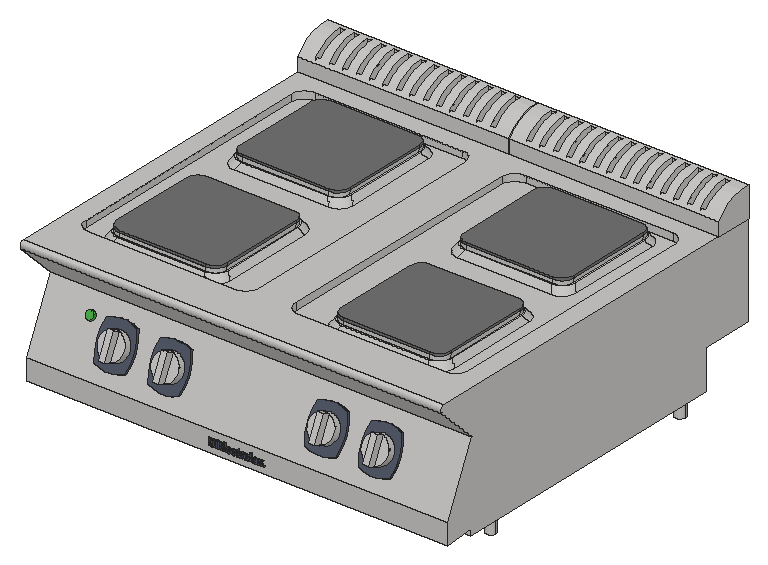
Revit family "QF_ELECTROLUXPROFESSIONAL_371017_E7ECEH4Q00", category Specialty Equipment, Revit 2018
Family settings
  Round Connector Dimension = Use Diameter
  Part Type = Normal
  Work Plane-Based = No
  Always vertical = Yes
  Cut with Voids When Loaded = No
  Shared = No
  Room Calculation Point = No
Parameters
  Width = 800.1 mm  # constant formula
  Weight in Pounds = 88  # constant formula
  Watts = 10400 VA  # 10400 W
  Volts = 400 V  # constant formula
  URL Cutsheet = "www.electrolux.com/foodservice"
  URL = "www.electrolux.com/foodservice"
  Type Mark [instance] = ""
  Status [instance] = ""
  Specification by User [instance] = ""
  Specification by Manufacturer = ""
  Show Logo [instance] = yes
  Show Clearance [instance] = yes
  Serial Number = ""
  Seismic Rating = ""
  SMACNA No = ""
  Revision Code [instance] = ""
  Phase = 3  # constant formula
  Omniclass Number and Title = ""
  Number of Poles [instance] = 1
  NAFEM Spec ID Number = ""
  Model = "371017"
  Min Ckt Ampacity = 0 A
  Max Overcurrent Protection = 0 A
  Masterspec = ""
  Manufacturer = "ELECTROLUX"
  Item Number [instance] = ""
  Installed By [instance] = ""
  Identify Quantity as Lot [instance] = yes
  Height = 331.8 mm  # constant formula
  HP = "13.9 HP"
  Furnished By [instance] = ""
  Foodservice Equipment Identifier [instance] = yes
  FL Amps = if(Phase = 3, Watts / (Volts * 1.73), Watts / Volts)  # 15.0289 A
  Electrical Remarks [instance] = "400 V/3N ph/50/60 Hz"  # constant formula
  Electric Connection Type [instance] = ""
  Elec Conn RI Height [instance] = 0 mm
  Elec Conn Connection Height [instance] = 0 mm
  Direct Waste Size = 0"
  Description = "700XP 4 Hot Square Plate Electric Boiling Top 2.6KW - 400V"
  Depth = 730.25 mm  # constant formula
  Cycle [instance] = if([60 Hertz Option], 60 Hz, 50 Hz)  # 60 Hz
  Conn Plug = ""
  Conn Conduit = yes
  CSI MasterFormat = ""
  CSI Master Format = ""
  Base Height [instance] = 23.813 mm  # constant formula
  Assembly Code = ""
  Apparent Power = if(Phase = 3, Volts * FL Amps * 1.73, Volts * FL Amps)  # 10400 VA
  60 Hertz Option [instance] = not([50 Hertz Option])  # yes
  50 Hertz Option [instance] = no
Reference planes
  plane 1 "BACK": y = 0
  plane 2: z = 0
  plane 3 "LEFT": x = 0
  plane 4 "RIGHT": x = 800.1
  plane 5 "FRONT": y = -730.25
  plane 6 "TOP": z = 288.925
  plane 7 "Center Y": x = 400.05
  plane 8 "Center X": y = -365.125
  plane 9 "BASE": z = 23.813
  plane 10 "TOP A": z = 274.638
  plane 11: y = -597.884
  plane 12: y = -147.637
  plane 13: z = 331.8
Forms (mm)
  Extrusion 1, solid, material "QF_Finishes_Stainless Steel"
    sketch origin (0, 0, 0) x (0, 1, 0) y (0, 0, 1)
      loop
        line (0, 274.638) -> (-722.844, 274.638)
        arc (-722.844, 274.638) -> (-729.641, 270.096) -> (-728.047, 262.077) r 7.358
        line (-728.047, 262.077) -> (-657.416, 191.447) -> (-713.772, 69.003) -> (-713.772, 30.903) -> (-660.4, 36.513) -> (-660.4, 23.812) -> (-101.6, 23.812) -> (-101.6, 98.425) -> (0, 98.425) -> (0, 274.638)
    from 0 to 800.1
  Extrusion 2, solid, material "QF_Finishes_Stainless Steel"
    sketch origin (0, 0, 0) x (1, 0, 0) y (0, 1, 0)
      loop
        circle (11.112, -147.638) r 9.525
      loop
        circle (11.112, -597.884) r 9.525
      loop
        circle (788.987, -147.638) r 9.525
      loop
        circle (788.987, -597.884) r 9.525
    from 0 to 23.813
  Extrusion 3, solid, material "QF_Finishes_Stainless Steel"
    sketch origin (0, -101.6, 101.6) x (0, 0, -1) y (-1, 0, 0)
      loop
        circle (41.275, -747.712) r 12.7
    from 0 to 3.175
  Extrusion 4, solid, material "QF_Finishes_Clearance", visible <- "Show Clearance", detail levels coarse
    sketch origin (0, 0, 0) x (1, 0, 0) y (0, 1, 0)
      loop
        line (0, -730.25) -> (0, 0) -> (800.1, 0) -> (800.1, -730.25) -> (950.119, -730.25) -> (950.119, 150.019) -> (-150.019, 150.019) -> (-150.019, -730.25) -> (0, -730.25)
    from 0 to 331.788
  Extrusion 5, solid, material "QF_Finishes_Navy Blue"
    sketch origin (-390.52, -713.772, 69.003) x (0, 0.418102, 0.9084) y (-1, 0, 0)
      loop
        arc (102.623, -510.47) -> (67.041, -502.846) -> (31.333, -509.853) r 90.5
        arc (31.333, -509.853) -> (24.507, -539.04) -> (31.333, -568.228) r 65.817
        arc (31.333, -568.228) -> (67.04, -575.188) -> (102.623, -567.615) r 91.066
        arc (102.623, -567.615) -> (109.179, -539.043) -> (102.623, -510.47) r 65.546
    from 0 to 3.175
  Extrusion 6, solid, material "QF_Finishes_Stainless Steel"
    sketch origin (-11.77, -717.485, 68.529) x (0, 0.418102, 0.9084) y (-1, 0, 0)
      loop
        circle (68.826, -160.963) r 25.4
    from 0 to 12.7
  Extrusion 7, solid, material "QF_Finishes_Stainless Steel"
    sketch origin (-11.77, -729.022, 73.839) x (0, 0.418102, 0.9084) y (-1, 0, 0)
      loop
        arc (93.558, -166.749) -> (94.226, -160.963) -> (93.558, -155.177) r 25.4
        line (93.558, -155.177) -> (44.094, -155.177)
        arc (44.094, -155.177) -> (43.426, -160.963) -> (44.094, -166.749) r 25.4
        line (44.094, -166.749) -> (93.558, -166.749)
    from 0 to 12.7
  Extrusion 8, solid, material "QF_Finishes_Navy Blue", visible <- "Show Logo"
    sketch origin (58.349, -713.772, 35.665) x (0, 0, 1) y (-1, 0, 0)
      loop
        line (20.674, -296.698) -> (8.307, -296.698)
        arc (8.307, -296.698) -> (14.491, -301.27) -> (20.674, -296.698) r 6.467
      loop
        arc (20.674, -296.069) -> (19.505, -290.926) -> (14.849, -288.448) r 6.338
        line (14.849, -288.448) -> (14.849, -290.494)
        arc (14.849, -290.494) -> (16.333, -294.149) -> (19.778, -296.069) r 5.941
        line (19.778, -296.069) -> (20.674, -296.069)
      loop
        arc (9.203, -296.069) -> (12.648, -294.149) -> (14.132, -290.494) r 5.941
        line (14.132, -290.494) -> (14.132, -288.448)
        arc (14.132, -288.448) -> (9.438, -290.922) -> (8.148, -296.069) r 6.504
        line (8.148, -296.069) -> (9.203, -296.069)
      loop
        line (21.349, -287.979) -> (7.604, -287.979) -> (7.604, -301.742) -> (21.349, -301.742) -> (21.349, -287.979)
      loop
        arc (21.432, -304.71) -> (21.085, -304.352) -> (20.718, -304.69) r 0.358
        arc (20.718, -304.69) -> (20.404, -305.44) -> (19.687, -305.825) r 1.216
        line (19.687, -305.825) -> (9.274, -305.825)
        arc (9.274, -305.825) -> (8.614, -305.548) -> (8.218, -304.951) r 1.238
        arc (8.218, -304.951) -> (7.823, -304.7) -> (7.518, -305.054) r 0.358
        line (7.518, -305.054) -> (7.518, -314.933) -> (10.269, -314.933) -> (10.269, -314.036)
        arc (10.269, -314.036) -> (9.36, -313.456) -> (8.904, -312.479) r 1.928
        line (8.904, -312.479) -> (8.904, -309.98)
        arc (8.904, -309.98) -> (9.18, -309.251) -> (9.868, -308.887) r 1.101
        line (9.868, -308.887) -> (13.955, -308.887) -> (13.955, -312.561)
        arc (13.955, -312.561) -> (13.602, -313.058) -> (13.037, -313.286) r 1.083
        arc (13.037, -313.286) -> (12.773, -313.591) -> (13.065, -313.869) r 0.292
        line (13.065, -313.869) -> (16.028, -313.869)
        arc (16.028, -313.869) -> (16.33, -313.596) -> (16.092, -313.266) r 0.305
        arc (16.092, -313.266) -> (15.601, -313.018) -> (15.296, -312.561) r 1.083
        line (15.296, -312.561) -> (15.296, -308.887) -> (19.973, -308.887) -> (19.973, -312.635)
        arc (19.973, -312.635) -> (19.759, -313.39) -> (19.153, -313.888) r 1.314
        arc (19.153, -313.888) -> (18.934, -314.292) -> (19.288, -314.585) r 0.361
        line (19.288, -314.585) -> (21.432, -314.585) -> (21.432, -304.71)
      loop
        arc (20.715, -315.365) -> (20.335, -316.284) -> (19.416, -316.664) r 1.299
        line (19.416, -316.664) -> (9.837, -316.664)
        arc (9.837, -316.664) -> (8.999, -316.286) -> (8.728, -315.408) r 1.118
        line (8.728, -315.408) -> (7.518, -315.408) -> (7.518, -320.758) -> (8.706, -320.758)
        arc (8.706, -320.758) -> (8.978, -319.841) -> (9.848, -319.445) r 1.153
        line (9.848, -319.445) -> (21.92, -319.445) -> (20.715, -315.365)
      loop
        line (12.483, -323.394) -> (12.483, -329.842) -> (13.282, -329.842)
        arc (13.282, -329.842) -> (15.862, -328.857) -> (17.131, -326.404) r 3.874
        line (17.131, -326.404) -> (17.131, -324.643)
        arc (17.131, -324.643) -> (15.944, -321.778) -> (13.08, -320.592) r 4.051
        line (13.08, -320.592) -> (11.072, -320.592)
        arc (11.072, -320.592) -> (8.253, -322.077) -> (7.202, -325.084) r 4.352
        arc (7.202, -325.084) -> (7.566, -327.547) -> (8.943, -329.621) r 5.713
        line (8.943, -329.621) -> (9.892, -329.621)
        arc (9.892, -329.621) -> (9.16, -328.052) -> (8.943, -326.334) r 5.579
        arc (8.943, -326.334) -> (9.737, -324.371) -> (11.616, -323.394) r 3.057
        line (11.616, -323.394) -> (12.483, -323.394)
      loop
        line (13.742, -323.394) -> (13.742, -326.977)
        arc (13.742, -326.977) -> (15.199, -327.024) -> (16.082, -325.864) r 1.59
        line (16.082, -325.864) -> (16.082, -325.034)
        arc (16.082, -325.034) -> (15.217, -323.779) -> (13.742, -323.394) r 2.184
      loop
        arc (16.533, -339.259) -> (17.022, -337.585) -> (17.179, -335.848) r 9.023
        line (17.179, -335.848) -> (17.179, -334.486)
        arc (17.179, -334.486) -> (16.02, -331.686) -> (13.22, -330.527) r 3.959
        line (13.22, -330.527) -> (10.62, -330.527)
        arc (10.62, -330.527) -> (8.338, -331.819) -> (7.221, -334.192) r 4.331
        line (7.221, -334.192) -> (7.221, -336.327)
        arc (7.221, -336.327) -> (7.729, -337.877) -> (8.651, -339.223) r 5.772
        arc (8.651, -339.223) -> (9.412, -339.274) -> (9.499, -338.515) r 0.553
        arc (9.499, -338.515) -> (9.111, -337.781) -> (8.977, -336.962) r 2.573
        line (8.977, -336.962) -> (8.977, -335.447)
        arc (8.977, -335.447) -> (9.983, -333.806) -> (11.798, -333.163) r 2.884
        line (11.798, -333.163) -> (13.077, -333.163)
        arc (13.077, -333.163) -> (14.898, -333.723) -> (15.824, -335.388) r 2.554
        line (15.824, -335.388) -> (15.824, -336.441)
        arc (15.824, -336.441) -> (15.493, -337.369) -> (14.836, -338.104) r 2.564
        arc (14.836, -338.104) -> (14.614, -338.821) -> (15.223, -339.259) r 0.643
        line (15.223, -339.259) -> (16.533, -339.259)
      loop
        line (15.515, -339.53) -> (15.515, -341.031) -> (9.467, -341.031)
        arc (9.467, -341.031) -> (7.879, -341.688) -> (7.221, -343.276) r 2.246
        line (7.221, -343.276) -> (7.221, -344.86)
        arc (7.221, -344.86) -> (7.535, -345.725) -> (8.035, -346.496) r 4.06
        arc (8.035, -346.496) -> (8.768, -346.629) -> (9.019, -345.928) r 0.576
        arc (9.019, -345.928) -> (8.913, -345.403) -> (8.977, -344.87) r 1.69
        arc (8.977, -344.87) -> (9.519, -344.082) -> (10.425, -343.779) r 1.506
        line (10.425, -343.779) -> (15.563, -343.779) -> (15.563, -346.176) -> (16.119, -346.733) -> (16.941, -346.733) -> (16.941, -343.873) -> (20.172, -343.873) -> (15.515, -339.53)
      loop
        line (7.438, -347.63) -> (7.438, -353.017) -> (8.548, -353.017)
        arc (8.548, -353.017) -> (8.942, -352.066) -> (9.893, -351.672) r 1.345
        line (9.893, -351.672) -> (13.509, -351.672)
        arc (13.509, -351.672) -> (14.274, -352.264) -> (14.564, -353.186) r 1.615
        line (14.564, -353.186) -> (14.564, -354.742) -> (17.119, -355.427) -> (17.119, -354.044) -> (15.177, -351.485) -> (17.057, -351.485) -> (16.773, -348.779)
        arc (16.773, -348.779) -> (16.333, -348.249) -> (15.674, -348.45) r 0.621
        arc (15.674, -348.45) -> (15.274, -348.792) -> (14.78, -348.975) r 1.501
        line (14.78, -348.975) -> (9.893, -348.975)
        arc (9.893, -348.975) -> (8.942, -348.581) -> (8.548, -347.63) r 1.345
        line (8.548, -347.63) -> (7.438, -347.63)
      loop
        line (13.54, -354.964) -> (10.848, -354.964)
        arc (10.848, -354.964) -> (8.403, -356.272) -> (7.269, -358.803) r 4.288
        arc (7.269, -358.803) -> (7.205, -360.183) -> (7.269, -361.563) r 15.022
        arc (7.269, -361.563) -> (8.403, -364.094) -> (10.848, -365.401) r 4.288
        line (10.848, -365.401) -> (13.54, -365.401)
        arc (13.54, -365.401) -> (15.986, -364.094) -> (17.119, -361.563) r 4.288
        arc (17.119, -361.563) -> (17.183, -360.183) -> (17.119, -358.803) r 15.022
        arc (17.119, -358.803) -> (15.986, -356.272) -> (13.54, -354.964) r 4.288
      loop
        line (13.745, -358.078) -> (10.643, -358.078)
        arc (10.643, -358.078) -> (8.486, -360.235) -> (10.643, -362.392) r 2.157
        line (10.643, -362.392) -> (13.745, -362.392)
        arc (13.745, -362.392) -> (15.902, -360.235) -> (13.745, -358.078) r 2.157
      loop
        arc (20.726, -365.26) -> (20.355, -366.154) -> (19.461, -366.524) r 1.264
        line (19.461, -366.524) -> (9.597, -366.524)
        arc (9.597, -366.524) -> (8.727, -366.127) -> (8.455, -365.211) r 1.153
        line (8.455, -365.211) -> (7.518, -365.211) -> (7.518, -370.319) -> (8.446, -370.319)
        arc (8.446, -370.319) -> (8.805, -369.547) -> (9.597, -369.232) r 1.153
        line (9.597, -369.232) -> (21.92, -369.232) -> (20.726, -365.26)
      loop
        arc (15.846, -369.857) -> (15.647, -370.921) -> (14.678, -371.403) r 1.215
        line (14.678, -371.403) -> (9.658, -371.403)
        arc (9.658, -371.403) -> (8.043, -372.051) -> (7.322, -373.634) r 2.338
        line (7.322, -373.634) -> (7.322, -375.148)
        arc (7.322, -375.148) -> (7.497, -376.152) -> (7.999, -377.038) r 2.979
        line (7.999, -377.038) -> (7.518, -378.835) -> (7.518, -380.524) -> (16.943, -380.524) -> (16.649, -376.32) -> (15.863, -376.32)
        arc (15.863, -376.32) -> (15.507, -377.156) -> (14.755, -377.665) r 1.605
        line (14.755, -377.665) -> (9.652, -377.665)
        arc (9.652, -377.665) -> (9.232, -376.728) -> (9.159, -375.704) r 2.94
        arc (9.159, -375.704) -> (9.72, -374.603) -> (10.873, -374.16) r 1.724
        line (10.873, -374.16) -> (17.07, -374.16) -> (15.846, -369.857)
      loop
        line (16.874, -381.377) -> (15.202, -383.423) -> (12.028, -385.729) -> (8.572, -382.617)
        arc (8.572, -382.617) -> (8.335, -382.223) -> (8.357, -381.764) r 0.789
        line (8.357, -381.764) -> (7.518, -381.764) -> (7.518, -385.309) -> (8.344, -385.309)
        arc (8.344, -385.309) -> (8.686, -384.947) -> (9.176, -385.039) r 0.52
        line (9.176, -385.039) -> (10.976, -386.51) -> (8.858, -387.886)
        arc (8.858, -387.886) -> (8.457, -387.576) -> (8.37, -387.076) r 0.7
        line (8.37, -387.076) -> (7.518, -387.076) -> (7.518, -393.003) -> (8.405, -393.003)
        arc (8.405, -393.003) -> (8.472, -392.344) -> (8.866, -391.813) r 1.247
        line (8.866, -391.813) -> (13.066, -388.532) -> (15.513, -390.585) -> (16.874, -392.327) -> (16.874, -388.604) -> (15.389, -389.026) -> (13.868, -387.749) -> (15.568, -386.559) -> (16.874, -387.336) -> (16.874, -381.377)
    from 0 to 1.644
  Extrusion 9, solid, material "QF_Finishes_Stainless Steel"
    sketch origin (0, 0, 0) x (0, 1, 0) y (0, 0, 1)
      loop
        line (0, 274.638) -> (0, 331.738)
        arc (0, 331.738) -> (-38.857, 324.552) -> (-69.85, 300.038) r 82.056
        line (-69.85, 300.038) -> (-69.85, 274.638) -> (0, 274.638)
    from 0 to 400.05
  Extrusion 10, void
    sketch origin (0, 0, 274.638) x (0, -1, 0) y (1, 0, 0)
      loop
        line (6.761, 29.703) -> (63.911, 29.703) -> (63.911, 38.999) -> (6.761, 38.999) -> (6.761, 29.703)
      loop
        line (63.911, 64.487) -> (6.761, 64.487) -> (6.761, 55.191) -> (63.911, 55.191) -> (63.911, 64.487)
      loop
        line (63.911, 89.975) -> (6.761, 89.975) -> (6.761, 80.68) -> (63.911, 80.68) -> (63.911, 89.975)
      loop
        line (63.911, 115.464) -> (6.761, 115.464) -> (6.761, 106.168) -> (63.911, 106.168) -> (63.911, 115.464)
      loop
        line (63.911, 140.952) -> (6.761, 140.952) -> (6.761, 131.656) -> (63.911, 131.656) -> (63.911, 140.952)
      loop
        line (63.911, 166.44) -> (6.761, 166.44) -> (6.761, 157.145) -> (63.911, 157.145) -> (63.911, 166.44)
      loop
        line (63.911, 191.929) -> (6.761, 191.929) -> (6.761, 182.633) -> (63.911, 182.633) -> (63.911, 191.929)
      loop
        line (63.911, 217.417) -> (6.761, 217.417) -> (6.761, 208.121) -> (63.911, 208.121) -> (63.911, 217.417)
      loop
        line (63.911, 242.905) -> (6.761, 242.905) -> (6.761, 233.61) -> (63.911, 233.61) -> (63.911, 242.905)
      loop
        line (63.911, 268.394) -> (6.761, 268.394) -> (6.761, 259.098) -> (63.911, 259.098) -> (63.911, 268.394)
      loop
        line (63.911, 293.882) -> (6.761, 293.882) -> (6.761, 284.586) -> (63.911, 284.586) -> (63.911, 293.882)
      loop
        line (63.911, 319.37) -> (6.761, 319.37) -> (6.761, 310.075) -> (63.911, 310.075) -> (63.911, 319.37)
      loop
        line (63.911, 344.859) -> (6.761, 344.859) -> (6.761, 335.563) -> (63.911, 335.563) -> (63.911, 344.859)
      loop
        line (63.911, 370.347) -> (6.761, 370.347) -> (6.761, 361.051) -> (63.911, 361.051) -> (63.911, 370.347)
    from 25.4 to 63.5
  Extrusion 11, solid, material "QF_Finishes_Stainless Steel"
    sketch origin (400.05, 0, 0) x (0, 1, 0) y (0, 0, 1)
      loop
        line (0, 274.638) -> (0, 331.738)
        arc (0, 331.738) -> (-38.857, 324.552) -> (-69.85, 300.038) r 82.056
        line (-69.85, 300.038) -> (-69.85, 274.638) -> (0, 274.638)
    from 0 to 400.05
  Extrusion 12, void
    sketch origin (400.05, 0, 274.638) x (0, -1, 0) y (1, 0, 0)
      loop
        line (6.761, 29.703) -> (63.911, 29.703) -> (63.911, 38.999) -> (6.761, 38.999) -> (6.761, 29.703)
      loop
        line (63.911, 64.487) -> (6.761, 64.487) -> (6.761, 55.191) -> (63.911, 55.191) -> (63.911, 64.487)
      loop
        line (63.911, 89.975) -> (6.761, 89.975) -> (6.761, 80.68) -> (63.911, 80.68) -> (63.911, 89.975)
      loop
        line (63.911, 115.464) -> (6.761, 115.464) -> (6.761, 106.168) -> (63.911, 106.168) -> (63.911, 115.464)
      loop
        line (63.911, 140.952) -> (6.761, 140.952) -> (6.761, 131.656) -> (63.911, 131.656) -> (63.911, 140.952)
      loop
        line (63.911, 166.44) -> (6.761, 166.44) -> (6.761, 157.145) -> (63.911, 157.145) -> (63.911, 166.44)
      loop
        line (63.911, 191.929) -> (6.761, 191.929) -> (6.761, 182.633) -> (63.911, 182.633) -> (63.911, 191.929)
      loop
        line (63.911, 217.417) -> (6.761, 217.417) -> (6.761, 208.121) -> (63.911, 208.121) -> (63.911, 217.417)
      loop
        line (63.911, 242.905) -> (6.761, 242.905) -> (6.761, 233.61) -> (63.911, 233.61) -> (63.911, 242.905)
      loop
        line (63.911, 268.394) -> (6.761, 268.394) -> (6.761, 259.098) -> (63.911, 259.098) -> (63.911, 268.394)
      loop
        line (63.911, 293.882) -> (6.761, 293.882) -> (6.761, 284.586) -> (63.911, 284.586) -> (63.911, 293.882)
      loop
        line (63.911, 319.37) -> (6.761, 319.37) -> (6.761, 310.075) -> (63.911, 310.075) -> (63.911, 319.37)
      loop
        line (63.911, 344.859) -> (6.761, 344.859) -> (6.761, 335.563) -> (63.911, 335.563) -> (63.911, 344.859)
      loop
        line (63.911, 370.347) -> (6.761, 370.347) -> (6.761, 361.051) -> (63.911, 361.051) -> (63.911, 370.347)
    from 25.4 to 63.5
  Extrusion 13, void
    sketch origin (0, 0, 274.638) x (1, 0, 0) y (0, -1, 0)
      loop
        line (60.425, 104.885) -> (339.625, 104.885)
        arc (339.625, 104.885) -> (357.586, 112.324) -> (365.025, 130.285) r 25.4
        line (365.025, 130.285) -> (365.025, 619.485)
        arc (365.025, 619.485) -> (357.586, 637.445) -> (339.625, 644.885) r 25.4
        line (339.625, 644.885) -> (60.425, 644.885)
        arc (60.425, 644.885) -> (42.464, 637.445) -> (35.025, 619.485) r 25.4
        line (35.025, 619.485) -> (35.025, 130.285)
        arc (35.025, 130.285) -> (42.464, 112.324) -> (60.425, 104.885) r 25.4
      loop
        arc (739.675, 104.885) -> (757.636, 112.324) -> (765.075, 130.285) r 25.4
        line (765.075, 130.285) -> (765.075, 619.485)
        arc (765.075, 619.485) -> (757.636, 637.445) -> (739.675, 644.885) r 25.4
        line (739.675, 644.885) -> (460.475, 644.885)
        arc (460.475, 644.885) -> (442.514, 637.445) -> (435.075, 619.485) r 25.4
        line (435.075, 619.485) -> (435.075, 130.285)
        arc (435.075, 130.285) -> (442.514, 112.324) -> (460.475, 104.885) r 25.4
        line (460.475, 104.885) -> (739.675, 104.885)
    from 0 to 12.7
  Extrusion 14, solid, material "QF_Finishes_Navy Blue"
    sketch origin (-288.02, -713.772, 69.003) x (0, 0.418102, 0.9084) y (-1, 0, 0)
      loop
        arc (102.623, -510.47) -> (67.041, -502.846) -> (31.333, -509.853) r 90.5
        arc (31.333, -509.853) -> (24.507, -539.04) -> (31.333, -568.228) r 65.817
        arc (31.333, -568.228) -> (67.04, -575.188) -> (102.623, -567.615) r 91.066
        arc (102.623, -567.615) -> (109.179, -539.043) -> (102.623, -510.47) r 65.546
    from 0 to 3.175
  Extrusion 15, solid, material "QF_Finishes_Stainless Steel"
    sketch origin (90.73, -717.485, 68.529) x (0, 0.418102, 0.9084) y (-1, 0, 0)
      loop
        circle (68.826, -160.963) r 25.4
    from 0 to 12.7
  Extrusion 16, solid, material "QF_Finishes_Stainless Steel"
    sketch origin (90.73, -729.022, 73.839) x (0, 0.418102, 0.9084) y (-1, 0, 0)
      loop
        arc (93.558, -166.749) -> (94.226, -160.963) -> (93.558, -155.177) r 25.4
        line (93.558, -155.177) -> (44.094, -155.177)
        arc (44.094, -155.177) -> (43.426, -160.963) -> (44.094, -166.749) r 25.4
        line (44.094, -166.749) -> (93.558, -166.749)
    from 0 to 12.7
  Extrusion 17, solid, material "QF_Finishes_Navy Blue"
    sketch origin (1190.62, -713.772, 69.003) x (0, 0.418102, 0.9084) y (-1, 0, 0)
      loop
        arc (102.623, 510.47) -> (109.179, 539.043) -> (102.623, 567.615) r 65.546
        arc (102.623, 567.615) -> (67.04, 575.188) -> (31.333, 568.228) r 91.066
        arc (31.333, 568.228) -> (24.507, 539.04) -> (31.333, 509.853) r 65.817
        arc (31.333, 509.853) -> (67.041, 502.846) -> (102.623, 510.47) r 90.5
    from 0 to 3.175
  Extrusion 18, solid, material "QF_Finishes_Stainless Steel"
    sketch origin (1569.37, -717.485, 68.529) x (0, 0.418102, 0.9084) y (-1, 0, 0)
      loop
        circle (68.826, 918.463) r 25.4
    from 0 to 12.7
  Extrusion 19, solid, material "QF_Finishes_Stainless Steel"
    sketch origin (1569.37, -729.022, 73.839) x (0, 0.418102, 0.9084) y (-1, 0, 0)
      loop
        line (93.558, 924.249) -> (44.094, 924.249)
        arc (44.094, 924.249) -> (43.426, 918.463) -> (44.094, 912.677) r 25.4
        line (44.094, 912.677) -> (93.558, 912.677)
        arc (93.558, 912.677) -> (94.226, 918.463) -> (93.558, 924.249) r 25.4
    from 0 to 12.7
  Extrusion 20, solid, material "QF_Finishes_Navy Blue"
    sketch origin (1088.12, -713.772, 69.003) x (0, 0.418102, 0.9084) y (-1, 0, 0)
      loop
        arc (102.623, 510.47) -> (109.179, 539.043) -> (102.623, 567.615) r 65.546
        arc (102.623, 567.615) -> (67.04, 575.188) -> (31.333, 568.228) r 91.066
        arc (31.333, 568.228) -> (24.507, 539.04) -> (31.333, 509.853) r 65.817
        arc (31.333, 509.853) -> (67.041, 502.846) -> (102.623, 510.47) r 90.5
    from 0 to 3.175
  Extrusion 21, solid, material "QF_Finishes_Stainless Steel"
    sketch origin (1466.87, -717.485, 68.529) x (0, 0.418102, 0.9084) y (-1, 0, 0)
      loop
        circle (68.826, 918.463) r 25.4
    from 0 to 12.7
  Extrusion 22, solid, material "QF_Finishes_Stainless Steel"
    sketch origin (1466.87, -729.022, 73.839) x (0, 0.418102, 0.9084) y (-1, 0, 0)
      loop
        line (93.558, 924.249) -> (44.094, 924.249)
        arc (44.094, 924.249) -> (43.426, 918.463) -> (44.094, 912.677) r 25.4
        line (44.094, 912.677) -> (93.558, 912.677)
        arc (93.558, 912.677) -> (94.226, 918.463) -> (93.558, 924.249) r 25.4
    from 0 to 12.7
  Extrusion 23, solid, material "QF_Finishes_Green"
    sketch origin (1.25, -711.681, 73.545) x (0, 0.418102, 0.9084) y (-1, 0, 0)
      loop
        circle (91.02, -88.134) r 8
    from 0 to 3.2
Cuts and joins
  Extrusion 10 cuts Extrusion 9
  Extrusion 12 cuts Extrusion 11
  Extrusion 13 cuts Extrusion 1
Lines and regions (mm)
  symbolic lines, style "QF-Clearances", visible <- "Show Clearance", detail levels coarse
    curve 1: line (-150.019, 150.019, 274.638) -> (-150.019, -730.25, 274.638)
    curve 2: line (950.119, 150.019, 274.638) -> (-150.019, 150.019, 274.638)
    curve 3: line (950.119, -730.25, 274.638) -> (950.119, 150.019, 274.638)
  symbolic lines
    curve 4: line (0, 0, 274.638) -> (800.1, 0, 274.638)
    curve 5: line (0, -730.25, 274.638) -> (0, 0, 274.638)
    curve 6: line (800.1, 0, 274.638) -> (800.1, -730.25, 274.638)
    curve 7: line (0, -69.85, 274.638) -> (800.1, -69.85, 274.638)
    curve 8: line (800.1, -730.25, 274.638) -> (0, -730.25, 274.638)
    curve 9: line (29.703, -6.761, 0) -> (38.999, -6.761, 0)
    curve 10: line (29.703, -63.911, 0) -> (29.703, -6.761, 0)
    curve 11: line (38.999, -63.911, 0) -> (29.703, -63.911, 0)
    curve 12: line (38.999, -6.761, 0) -> (38.999, -63.911, 0)
    curve 13: line (55.191, -6.761, 0) -> (64.487, -6.761, 0)
    curve 14: line (55.191, -63.911, 0) -> (55.191, -6.761, 0)
    curve 15: line (64.487, -63.911, 0) -> (55.191, -63.911, 0)
    curve 16: line (64.487, -6.761, 0) -> (64.487, -63.911, 0)
    curve 17: line (80.68, -6.761, 0) -> (89.975, -6.761, 0)
    curve 18: line (80.68, -63.911, 0) -> (80.68, -6.761, 0)
    curve 19: line (89.975, -63.911, 0) -> (80.68, -63.911, 0)
    curve 20: line (89.975, -6.761, 0) -> (89.975, -63.911, 0)
    curve 21: line (106.168, -6.761, 0) -> (115.464, -6.761, 0)
    curve 22: line (106.168, -63.911, 0) -> (106.168, -6.761, 0)
    curve 23: line (115.464, -63.911, 0) -> (106.168, -63.911, 0)
    curve 24: line (115.464, -6.761, 0) -> (115.464, -63.911, 0)
    curve 25: line (131.656, -6.761, 0) -> (140.952, -6.761, 0)
    curve 26: line (131.656, -63.911, 0) -> (131.656, -6.761, 0)
    curve 27: line (140.952, -63.911, 0) -> (131.656, -63.911, 0)
    curve 28: line (140.952, -6.761, 0) -> (140.952, -63.911, 0)
    curve 29: line (157.145, -6.761, 0) -> (166.44, -6.761, 0)
    curve 30: line (157.145, -63.911, 0) -> (157.145, -6.761, 0)
    curve 31: line (166.44, -63.911, 0) -> (157.145, -63.911, 0)
    curve 32: line (166.44, -6.761, 0) -> (166.44, -63.911, 0)
    curve 33: line (182.633, -6.761, 0) -> (191.929, -6.761, 0)
    curve 34: line (182.633, -63.911, 0) -> (182.633, -6.761, 0)
    curve 35: line (191.929, -63.911, 0) -> (182.633, -63.911, 0)
    curve 36: line (191.929, -6.761, 0) -> (191.929, -63.911, 0)
    curve 37: line (208.121, -6.761, 0) -> (217.417, -6.761, 0)
    curve 38: line (208.121, -63.911, 0) -> (208.121, -6.761, 0)
    curve 39: line (217.417, -63.911, 0) -> (208.121, -63.911, 0)
    curve 40: line (217.417, -6.761, 0) -> (217.417, -63.911, 0)
    curve 41: line (233.61, -6.761, 0) -> (242.905, -6.761, 0)
    curve 42: line (233.61, -63.911, 0) -> (233.61, -6.761, 0)
    curve 43: line (242.905, -63.911, 0) -> (233.61, -63.911, 0)
    curve 44: line (242.905, -6.761, 0) -> (242.905, -63.911, 0)
    curve 45: line (259.098, -6.761, 0) -> (268.394, -6.761, 0)
    curve 46: line (259.098, -63.911, 0) -> (259.098, -6.761, 0)
    curve 47: line (268.394, -63.911, 0) -> (259.098, -63.911, 0)
    curve 48: line (268.394, -6.761, 0) -> (268.394, -63.911, 0)
    curve 49: line (284.586, -6.761, 0) -> (293.882, -6.761, 0)
    curve 50: line (284.586, -63.911, 0) -> (284.586, -6.761, 0)
    curve 51: line (293.882, -63.911, 0) -> (284.586, -63.911, 0)
    curve 52: line (293.882, -6.761, 0) -> (293.882, -63.911, 0)
    curve 53: line (310.075, -6.761, 0) -> (319.37, -6.761, 0)
    curve 54: line (310.075, -63.911, 0) -> (310.075, -6.761, 0)
    curve 55: line (319.37, -63.911, 0) -> (310.075, -63.911, 0)
    curve 56: line (319.37, -6.761, 0) -> (319.37, -63.911, 0)
    curve 57: line (335.563, -6.761, 0) -> (344.859, -6.761, 0)
    curve 58: line (335.563, -63.911, 0) -> (335.563, -6.761, 0)
    curve 59: line (344.859, -63.911, 0) -> (335.563, -63.911, 0)
    curve 60: line (344.859, -6.761, 0) -> (344.859, -63.911, 0)
    curve 61: line (361.051, -6.761, 0) -> (370.347, -6.761, 0)
    curve 62: line (361.051, -63.911, 0) -> (361.051, -6.761, 0)
    curve 63: line (370.347, -63.911, 0) -> (361.051, -63.911, 0)
    curve 64: line (370.347, -6.761, 0) -> (370.347, -63.911, 0)
    curve 65: line (400.05, 0, 0) -> (400.05, -69.85, 0)
    curve 66: line (770.397, -6.761, 0) -> (761.101, -6.761, 0)
    curve 67: line (770.397, -63.911, 0) -> (770.397, -6.761, 0)
    curve 68: line (761.101, -63.911, 0) -> (770.397, -63.911, 0)
    curve 69: line (761.101, -6.761, 0) -> (761.101, -63.911, 0)
    curve 70: line (744.909, -6.761, 0) -> (735.613, -6.761, 0)
    curve 71: line (744.909, -63.911, 0) -> (744.909, -6.761, 0)
    curve 72: line (735.613, -63.911, 0) -> (744.909, -63.911, 0)
    curve 73: line (735.613, -6.761, 0) -> (735.613, -63.911, 0)
    curve 74: line (719.42, -6.761, 0) -> (710.125, -6.761, 0)
    curve 75: line (719.42, -63.911, 0) -> (719.42, -6.761, 0)
    curve 76: line (710.125, -63.911, 0) -> (719.42, -63.911, 0)
    curve 77: line (710.125, -6.761, 0) -> (710.125, -63.911, 0)
    curve 78: line (693.932, -6.761, 0) -> (684.636, -6.761, 0)
    curve 79: line (693.932, -63.911, 0) -> (693.932, -6.761, 0)
    curve 80: line (684.636, -63.911, 0) -> (693.932, -63.911, 0)
    curve 81: line (684.636, -6.761, 0) -> (684.636, -63.911, 0)
    curve 82: line (668.444, -6.761, 0) -> (659.148, -6.761, 0)
    curve 83: line (668.444, -63.911, 0) -> (668.444, -6.761, 0)
    curve 84: line (659.148, -63.911, 0) -> (668.444, -63.911, 0)
    curve 85: line (659.148, -6.761, 0) -> (659.148, -63.911, 0)
    curve 86: line (642.955, -6.761, 0) -> (633.66, -6.761, 0)
    curve 87: line (642.955, -63.911, 0) -> (642.955, -6.761, 0)
    curve 88: line (633.66, -63.911, 0) -> (642.955, -63.911, 0)
    curve 89: line (633.66, -6.761, 0) -> (633.66, -63.911, 0)
    curve 90: line (617.467, -6.761, 0) -> (608.171, -6.761, 0)
    curve 91: line (617.467, -63.911, 0) -> (617.467, -6.761, 0)
    curve 92: line (608.171, -63.911, 0) -> (617.467, -63.911, 0)
    curve 93: line (608.171, -6.761, 0) -> (608.171, -63.911, 0)
    curve 94: line (591.979, -6.761, 0) -> (582.683, -6.761, 0)
    curve 95: line (591.979, -63.911, 0) -> (591.979, -6.761, 0)
    curve 96: line (582.683, -63.911, 0) -> (591.979, -63.911, 0)
    curve 97: line (582.683, -6.761, 0) -> (582.683, -63.911, 0)
    curve 98: line (566.49, -6.761, 0) -> (557.195, -6.761, 0)
    curve 99: line (566.49, -63.911, 0) -> (566.49, -6.761, 0)
    curve 100: line (557.195, -63.911, 0) -> (566.49, -63.911, 0)
    curve 101: line (557.195, -6.761, 0) -> (557.195, -63.911, 0)
    curve 102: line (541.002, -6.761, 0) -> (531.706, -6.761, 0)
    curve 103: line (541.002, -63.911, 0) -> (541.002, -6.761, 0)
    curve 104: line (531.706, -63.911, 0) -> (541.002, -63.911, 0)
    curve 105: line (531.706, -6.761, 0) -> (531.706, -63.911, 0)
    curve 106: line (515.514, -6.761, 0) -> (506.218, -6.761, 0)
    curve 107: line (515.514, -63.911, 0) -> (515.514, -6.761, 0)
    curve 108: line (506.218, -63.911, 0) -> (515.514, -63.911, 0)
    curve 109: line (506.218, -6.761, 0) -> (506.218, -63.911, 0)
    curve 110: line (490.025, -6.761, 0) -> (480.73, -6.761, 0)
    curve 111: line (490.025, -63.911, 0) -> (490.025, -6.761, 0)
    curve 112: line (480.73, -63.911, 0) -> (490.025, -63.911, 0)
    curve 113: line (480.73, -6.761, 0) -> (480.73, -63.911, 0)
    curve 114: line (464.537, -6.761, 0) -> (455.241, -6.761, 0)
    curve 115: line (464.537, -63.911, 0) -> (464.537, -6.761, 0)
    curve 116: line (455.241, -63.911, 0) -> (464.537, -63.911, 0)
    curve 117: line (455.241, -6.761, 0) -> (455.241, -63.911, 0)
    curve 118: line (439.049, -6.761, 0) -> (429.753, -6.761, 0)
    curve 119: line (439.049, -63.911, 0) -> (439.049, -6.761, 0)
    curve 120: line (429.753, -63.911, 0) -> (439.049, -63.911, 0)
    curve 121: line (429.753, -6.761, 0) -> (429.753, -63.911, 0)
    curve 122: arc (35.025, -130.285, 0) -> (42.464, -112.324, 0) -> (60.425, -104.885, 0) r 25.4
    curve 123: line (60.425, -104.885, 0) -> (339.625, -104.885, 0)
    curve 124: arc (339.625, -104.885, 0) -> (357.586, -112.324, 0) -> (365.025, -130.285, 0) r 25.4
    curve 125: line (365.025, -130.285, 0) -> (365.025, -619.485, 0)
    curve 126: arc (365.025, -619.485, 0) -> (357.586, -637.445, 0) -> (339.625, -644.885, 0) r 25.4
    curve 127: line (339.625, -644.885, 0) -> (60.425, -644.885, 0)
    curve 128: arc (60.425, -644.885, 0) -> (42.464, -637.445, 0) -> (35.025, -619.485, 0) r 25.4
    curve 129: line (35.025, -619.485, 0) -> (35.025, -130.285, 0)
    curve 130: line (435.075, -619.485, 0) -> (435.075, -130.285, 0)
    curve 131: arc (435.075, -130.285, 0) -> (442.514, -112.324, 0) -> (460.475, -104.885, 0) r 25.4
    curve 132: line (460.475, -104.885, 0) -> (739.675, -104.885, 0)
    curve 133: arc (739.675, -104.885, 0) -> (757.636, -112.324, 0) -> (765.075, -130.285, 0) r 25.4
    curve 134: line (765.075, -130.285, 0) -> (765.075, -619.485, 0)
    curve 135: arc (765.075, -619.485, 0) -> (757.636, -637.445, 0) -> (739.675, -644.885, 0) r 25.4
    curve 136: line (739.675, -644.885, 0) -> (460.475, -644.885, 0)
    curve 137: arc (460.475, -644.885, 0) -> (442.514, -637.445, 0) -> (435.075, -619.485, 0) r 25.4
Dimensions and locks
  equal spacing: plane 3 "LEFT", plane 7 "Center Y", plane 4 "RIGHT"
  "Width": plane 3 "LEFT" to plane 4 "RIGHT"
  equal spacing: plane 5 "FRONT", plane 8 "Center X", plane 1 "BACK"
  "Depth": plane 5 "FRONT" to plane 1 "BACK"
  plane 1 "BACK" to plane 5 "FRONT" = 730.25 mm
  "Base Height": plane 9 "BASE" to level
  locked: plane 10 "TOP A" to plane 9 "BASE" at 250.825
  plane 4 "RIGHT" to Extrusion 3 sketch curve = 52.388 mm
  plane 10 "TOP A" to plane 9 "BASE" = 250.825 mm
  plane 9 "BASE" to level = 23.813 mm
  "Height": plane 13 to level
  Extrusion 3 sketch curve to plane 9 "BASE" = 36.513 mm
  aligned and locked: level to plane 2
  aligned and locked: plane 4 "RIGHT" to Extrusion 1
  aligned and locked: Extrusion 2 to plane 9 "BASE"
  aligned: plane 6 "TOP" to Extrusion 4
Automatic sketch dimensions
  plane 1 "BACK" to curve 65 = 0 mm
  curve 65 to plane 7 "Center Y" = 0 mm
  curve 63 to plane 7 "Center Y" = 29.703 mm
  curve 61 to curve 61 = 9.296 mm
  curve 60 to curve 62 = 16.193 mm
  curve 58 to curve 59 = 9.296 mm
  curve 55 to curve 58 = 16.193 mm
  curve 55 to curve 55 = 9.296 mm
  curve 51 to curve 54 = 16.193 mm
  curve 49 to curve 49 = 9.296 mm
  curve 47 to curve 50 = 16.193 mm
  curve 46 to curve 45 = 9.296 mm
  plane 1 "BACK" to curve 41 = 6.761 mm
  curve 41 to curve 45 = 16.193 mm
  curve 43 to curve 43 = 9.296 mm
  plane 1 "BACK" to curve 37 = 6.761 mm
  curve 37 to curve 41 = 16.193 mm
  curve 34 to curve 33 = 9.296 mm
  plane 1 "BACK" to curve 32 = 6.761 mm
  curve 32 to curve 33 = 16.193 mm
  curve 31 to curve 31 = 9.296 mm
  plane 1 "BACK" to curve 28 = 6.761 mm
  curve 28 to curve 29 = 16.193 mm
  curve 26 to curve 27 = 9.296 mm
  plane 1 "BACK" to curve 24 = 6.761 mm
  curve 24 to curve 25 = 16.193 mm
  curve 23 to curve 23 = 9.296 mm
  plane 1 "BACK" to curve 17 = 6.761 mm
  curve 17 to curve 21 = 16.193 mm
  curve 18 to curve 19 = 9.296 mm
  plane 1 "BACK" to curve 13 = 6.761 mm
  curve 13 to curve 17 = 16.193 mm
  curve 14 to curve 15 = 9.296 mm
  plane 1 "BACK" to curve 9 = 6.761 mm
  curve 9 to curve 13 = 16.193 mm
  curve 11 to curve 11 = 9.296 mm
  plane 1 "BACK" to curve 118 = 6.761 mm
  plane 7 "Center Y" to curve 118 = 29.703 mm
  curve 120 to curve 120 = 9.296 mm
  curve 119 to curve 116 = 16.193 mm
  curve 116 to curve 116 = 9.296 mm
  plane 1 "BACK" to curve 110 = 6.761 mm
  curve 114 to curve 110 = 16.193 mm
  curve 112 to curve 112 = 9.296 mm
  curve 111 to curve 109 = 16.193 mm
  curve 108 to curve 108 = 9.296 mm
  curve 107 to curve 105 = 16.193 mm
  curve 102 to curve 103 = 9.296 mm
  curve 103 to curve 100 = 16.193 mm
  curve 98 to curve 99 = 9.296 mm
  curve 99 to curve 96 = 16.193 mm
  curve 96 to curve 96 = 9.296 mm
  plane 1 "BACK" to curve 90 = 6.761 mm
  curve 94 to curve 90 = 16.193 mm
  curve 90 to curve 91 = 9.296 mm
  curve 91 to curve 89 = 16.193 mm
  curve 86 to curve 87 = 9.296 mm
  curve 87 to curve 84 = 16.193 mm
  curve 82 to curve 83 = 9.296 mm
  plane 1 "BACK" to curve 78 = 6.761 mm
  curve 82 to curve 78 = 16.193 mm
  curve 78 to curve 79 = 9.296 mm
  plane 1 "BACK" to curve 77 = 6.761 mm
  curve 78 to curve 77 = 16.193 mm
  curve 76 to curve 75 = 9.296 mm
  plane 1 "BACK" to curve 73 = 6.761 mm
  curve 74 to curve 73 = 16.193 mm
  curve 70 to curve 71 = 9.296 mm
  curve 71 to curve 69 = 16.193 mm
  curve 68 to curve 68 = 9.296 mm
  curve 65 to curve 118 = 63.089 mm
  curve 65 to curve 120 = 5.939 mm
  curve 10 to curve 9 = 57.15 mm
  curve 119 to curve 117 = 0 mm
  curve 11 to curve 14 = 0 mm
  curve 115 to curve 113 = 0 mm
  curve 15 to curve 18 = 0 mm
  curve 111 to curve 109 = 0 mm
  curve 19 to curve 22 = 0 mm
  curve 107 to curve 105 = 0 mm
  curve 23 to curve 26 = 0 mm
  curve 103 to curve 101 = 0 mm
  curve 27 to curve 30 = 0 mm
  curve 99 to curve 97 = 0 mm
  curve 31 to curve 34 = 0 mm
  curve 95 to curve 93 = 0 mm
  curve 35 to curve 38 = 0 mm
  curve 91 to curve 89 = 0 mm
  curve 39 to curve 42 = 0 mm
  curve 87 to curve 85 = 0 mm
  curve 43 to curve 46 = 0 mm
  curve 83 to curve 81 = 0 mm
  curve 47 to curve 50 = 0 mm
  curve 79 to curve 77 = 0 mm
  curve 51 to curve 54 = 0 mm
  curve 75 to curve 73 = 0 mm
  curve 55 to curve 58 = 0 mm
  curve 71 to curve 69 = 0 mm
  curve 59 to curve 62 = 0 mm
  plane 1 "BACK" to curve 36 = 6.761 mm
  plane 1 "BACK" to curve 66 = 6.761 mm
  plane 1 "BACK" to curve 62 = 6.761 mm
  plane 1 "BACK" to curve 60 = 6.761 mm
  plane 1 "BACK" to curve 56 = 6.761 mm
  plane 1 "BACK" to curve 52 = 6.761 mm
  plane 1 "BACK" to curve 48 = 6.761 mm
  plane 1 "BACK" to curve 82 = 6.761 mm
  plane 1 "BACK" to curve 86 = 6.761 mm
  plane 1 "BACK" to curve 94 = 6.761 mm
  plane 1 "BACK" to curve 98 = 6.761 mm
  plane 1 "BACK" to curve 102 = 6.761 mm
  plane 1 "BACK" to curve 106 = 6.761 mm
  plane 1 "BACK" to curve 114 = 6.761 mm
  Extrusion 1 sketch curve to plane 10 "TOP A" = 0 mm
  Extrusion 1 sketch curve to plane 9 "BASE" = 0 mm
  Extrusion 1 sketch curve to plane 1 "BACK" = 0 mm
  Extrusion 1 sketch curve to plane 12 = 46.038 mm
  plane 11 to Extrusion 1 sketch curve = 59.531 mm
  plane 9 "BASE" to Extrusion 1 sketch curve = 12.7 mm
  plane 11 to Extrusion 1 sketch curve = 62.516 mm
  Extrusion 1 sketch curve to plane 5 "FRONT" = 16.478 mm
  Extrusion 1 sketch curve to plane 5 "FRONT" = 7.406 mm
  Extrusion 1 sketch curve to plane 5 "FRONT" = 2.203 mm
  plane 9 "BASE" to Extrusion 1 sketch curve = 7.09 mm
  Extrusion 1 sketch curve to Extrusion 1 sketch curve = 38.1 mm
  plane 9 "BASE" to Extrusion 1 sketch curve = 74.612 mm
  Extrusion 1 sketch curve to plane 10 "TOP A" = 83.191 mm
  Extrusion 1 sketch curve to plane 10 "TOP A" = 12.56 mm
  plane 11 to Extrusion 2 sketch curve = 0 mm  (x2)
  plane 12 to Extrusion 2 sketch curve = 0 mm  (x2)
  plane 3 "LEFT" to Extrusion 2 sketch curve = 11.112 mm  (x2)
  Extrusion 2 sketch curve to plane 4 "RIGHT" = 11.113 mm  (x2)
  plane 5 "FRONT" to Extrusion 4 sketch curve = 0 mm  (x2)
  plane 1 "BACK" to Extrusion 4 sketch curve = 0 mm
  Extrusion 4 sketch curve to plane 3 "LEFT" = 0 mm
  Extrusion 4 sketch curve to plane 4 "RIGHT" = 0 mm
  Extrusion 4 sketch curve to plane 3 "LEFT" = 150.019 mm
  plane 4 "RIGHT" to Extrusion 4 sketch curve = 150.019 mm
  Extrusion 4 sketch curve to plane 1 "BACK" = 150.019 mm
  plane 5 "FRONT" to curve 3 = 0 mm
  curve 8 to plane 4 "RIGHT" = 0 mm
  curve 7 to plane 3 "LEFT" = 0 mm
  plane 5 "FRONT" to curve 1 = 0 mm
  plane 1 "BACK" to curve 5 = 0 mm
  plane 5 "FRONT" to curve 5 = 0 mm
  plane 4 "RIGHT" to curve 3 = 150.019 mm
  curve 2 to plane 3 "LEFT" = 150.019 mm
  curve 2 to plane 1 "BACK" = 150.019 mm
  Extrusion 5 sketch curve to Extrusion 5 sketch curve = 0 mm
  Extrusion 5 sketch curve to Extrusion 5 sketch curve = 12.3 mm  (x3)
  Extrusion 5 sketch curve to Extrusion 5 sketch curve = 34.925 mm  (x2)
  Extrusion 5 sketch curve to Extrusion 5 sketch curve = 46.691 mm
  Extrusion 7 sketch curve to Extrusion 7 sketch curve = 24.732 mm
  Extrusion 7 sketch curve to Extrusion 7 sketch curve = 0 mm
  plane 9 "BASE" to Extrusion 8 sketch curve = 14.013 mm
  plane 9 "BASE" to Extrusion 8 sketch curve = 19.054 mm
  plane 7 "Center Y" to Extrusion 8 sketch curve = 3.159 mm
  Extrusion 8 sketch curve to Extrusion 8 sketch curve = 5.06 mm
  Extrusion 8 sketch curve to Extrusion 8 sketch curve = 0 mm  (x28)
  Extrusion 8 sketch curve to Extrusion 8 sketch curve = 5.108 mm  (x2)
  Extrusion 8 sketch curve to Extrusion 8 sketch curve = 0.054 mm
  Extrusion 8 sketch curve to Extrusion 8 sketch curve = 0.218 mm
  Extrusion 8 sketch curve to Extrusion 8 sketch curve = 0.195 mm
  Extrusion 8 sketch curve to Extrusion 8 sketch curve = 0.249 mm
  plane 9 "BASE" to Extrusion 8 sketch curve = 19.371 mm
  Extrusion 8 sketch curve to Extrusion 8 sketch curve = 0.087 mm
  Extrusion 8 sketch curve to Extrusion 8 sketch curve = 0.358 mm
  Extrusion 8 sketch curve to Extrusion 8 sketch curve = 0.481 mm
  Extrusion 8 sketch curve to Extrusion 8 sketch curve = 0.597 mm
  Extrusion 8 sketch curve to Extrusion 8 sketch curve = 0.544 mm
  Extrusion 8 sketch curve to Extrusion 8 sketch curve = 0.936 mm
  Extrusion 8 sketch curve to Extrusion 8 sketch curve = 0.594 mm
  Extrusion 8 sketch curve to Extrusion 8 sketch curve = 0.343 mm
  Extrusion 8 sketch curve to Extrusion 8 sketch curve = 0.159 mm
  Extrusion 8 sketch curve to Extrusion 8 sketch curve = 0.826 mm
  Extrusion 8 sketch curve to Extrusion 8 sketch curve = 0.839 mm
  Extrusion 8 sketch curve to Extrusion 8 sketch curve = 0.852 mm
  Extrusion 8 sketch curve to Extrusion 8 sketch curve = 0.887 mm
  Extrusion 8 sketch curve to Extrusion 8 sketch curve = 0.928 mm
  Extrusion 8 sketch curve to Extrusion 8 sketch curve = 0.938 mm
  Extrusion 8 sketch curve to Extrusion 8 sketch curve = 0.444 mm
  Extrusion 8 sketch curve to Extrusion 8 sketch curve = 1.11 mm  (x3)
  Extrusion 8 sketch curve to Extrusion 8 sketch curve = 0.215 mm
  Extrusion 8 sketch curve to Extrusion 8 sketch curve = 1.43 mm
  Extrusion 8 sketch curve to Extrusion 8 sketch curve = 1.188 mm
  Extrusion 8 sketch curve to Extrusion 8 sketch curve = 1.21 mm  (x2)
  Extrusion 8 sketch curve to Extrusion 8 sketch curve = 0.503 mm
  Extrusion 8 sketch curve to Extrusion 8 sketch curve = 0.488 mm
  Extrusion 8 sketch curve to Extrusion 8 sketch curve = 0.462 mm
  Extrusion 8 sketch curve to Extrusion 8 sketch curve = 1.386 mm
  Extrusion 8 sketch curve to Extrusion 8 sketch curve = 1.742 mm  (x2)
  Extrusion 8 sketch curve to Extrusion 8 sketch curve = 0.821 mm
  Extrusion 8 sketch curve to Extrusion 8 sketch curve = 0.497 mm
  Extrusion 8 sketch curve to Extrusion 8 sketch curve = 0.539 mm
  Extrusion 8 sketch curve to Extrusion 8 sketch curve = 0.686 mm
  Extrusion 8 sketch curve to Extrusion 8 sketch curve = 0.408 mm
  Extrusion 8 sketch curve to Extrusion 8 sketch curve = 0.743 mm
  Extrusion 8 sketch curve to Extrusion 8 sketch curve = 1.16 mm
  Extrusion 8 sketch curve to Extrusion 8 sketch curve = 0.329 mm
  Extrusion 8 sketch curve to Extrusion 8 sketch curve = 1.054 mm
  Extrusion 8 sketch curve to Extrusion 8 sketch curve = 1.056 mm
  Extrusion 8 sketch curve to Extrusion 8 sketch curve = 0.129 mm
  Extrusion 8 sketch curve to Extrusion 8 sketch curve = 0.489 mm
  Extrusion 8 sketch curve to Extrusion 8 sketch curve = 0.441 mm
  Extrusion 8 sketch curve to Extrusion 8 sketch curve = 1.151 mm
  Extrusion 8 sketch curve to Extrusion 8 sketch curve = 1.141 mm  (x2)
  Extrusion 8 sketch curve to Extrusion 8 sketch curve = 0.768 mm
  Extrusion 8 sketch curve to Extrusion 8 sketch curve = 1.653 mm
  Extrusion 8 sketch curve to Extrusion 8 sketch curve = 0.499 mm
  Extrusion 8 sketch curve to Extrusion 8 sketch curve = 0.964 mm
  Extrusion 8 sketch curve to Extrusion 8 sketch curve = 0.949 mm
  Extrusion 8 sketch curve to Extrusion 8 sketch curve = 1.345 mm  (x2)
  Extrusion 8 sketch curve to Extrusion 8 sketch curve = 1.101 mm
  Extrusion 8 sketch curve to Extrusion 8 sketch curve = 0.432 mm
  Extrusion 8 sketch curve to Extrusion 8 sketch curve = 1.142 mm
  Extrusion 8 sketch curve to Extrusion 8 sketch curve = 0.959 mm
  Extrusion 8 sketch curve to Extrusion 8 sketch curve = 0.176 mm
  Extrusion 8 sketch curve to Extrusion 8 sketch curve = 0.728 mm
  Extrusion 8 sketch curve to Extrusion 8 sketch curve = 3.375 mm  (x2)
  Extrusion 8 sketch curve to Extrusion 8 sketch curve = 0.541 mm
  Extrusion 8 sketch curve to Extrusion 8 sketch curve = 0.955 mm
  Extrusion 8 sketch curve to Extrusion 8 sketch curve = 1.251 mm
  Extrusion 8 sketch curve to Extrusion 8 sketch curve = 0.572 mm
  Extrusion 8 sketch curve to Extrusion 8 sketch curve = 1.92 mm
  Extrusion 8 sketch curve to Extrusion 8 sketch curve = 1.224 mm
  Extrusion 8 sketch curve to Extrusion 8 sketch curve = 0.745 mm
  Extrusion 8 sketch curve to Extrusion 8 sketch curve = 2.537 mm
  Extrusion 8 sketch curve to Extrusion 8 sketch curve = 0.896 mm  (x3)
  Extrusion 8 sketch curve to Extrusion 8 sketch curve = 0.036 mm
  Extrusion 8 sketch curve to Extrusion 8 sketch curve = 2.607 mm
  Extrusion 8 sketch curve to Extrusion 8 sketch curve = 0.066 mm
  Extrusion 8 sketch curve to Extrusion 8 sketch curve = 0.248 mm
  Extrusion 8 sketch curve to Extrusion 8 sketch curve = 0.449 mm
  Extrusion 8 sketch curve to Extrusion 8 sketch curve = 1.052 mm
  Extrusion 8 sketch curve to Extrusion 8 sketch curve = 1.863 mm
  Extrusion 8 sketch curve to Extrusion 8 sketch curve = 1.31 mm  (x2)
  Extrusion 8 sketch curve to Extrusion 8 sketch curve = 0.901 mm
  Extrusion 8 sketch curve to Extrusion 8 sketch curve = 1.107 mm
  Extrusion 8 sketch curve to Extrusion 8 sketch curve = 2.122 mm
  Extrusion 8 sketch curve to Extrusion 8 sketch curve = 2.101 mm
  Extrusion 8 sketch curve to Extrusion 8 sketch curve = 0.106 mm
  Extrusion 8 sketch curve to Extrusion 8 sketch curve = 0.029 mm
  Extrusion 8 sketch curve to Extrusion 8 sketch curve = 2.09 mm
  Extrusion 8 sketch curve to Extrusion 8 sketch curve = 1.279 mm
  Extrusion 8 sketch curve to Extrusion 8 sketch curve = 2.008 mm
  Extrusion 8 sketch curve to Extrusion 8 sketch curve = 0.738 mm
  Extrusion 8 sketch curve to Extrusion 8 sketch curve = 0.382 mm
  Extrusion 8 sketch curve to Extrusion 8 sketch curve = 0.384 mm
  Extrusion 8 sketch curve to Extrusion 8 sketch curve = 0.002 mm
  Extrusion 8 sketch curve to Extrusion 8 sketch curve = 0.561 mm
  Extrusion 8 sketch curve to Extrusion 8 sketch curve = 0.592 mm
  Extrusion 8 sketch curve to Extrusion 8 sketch curve = 2.692 mm
  Extrusion 8 sketch curve to Extrusion 8 sketch curve = 1.259 mm
  Extrusion 8 sketch curve to Extrusion 8 sketch curve = 0.802 mm
  Extrusion 8 sketch curve to Extrusion 8 sketch curve = 1.024 mm  (x2)
  Extrusion 8 sketch curve to Extrusion 8 sketch curve = 0.682 mm
  Extrusion 8 sketch curve to Extrusion 8 sketch curve = 5.934 mm
  Extrusion 8 sketch curve to Extrusion 8 sketch curve = 2.186 mm
  Extrusion 8 sketch curve to Extrusion 8 sketch curve = 0.337 mm
  Extrusion 8 sketch curve to Extrusion 8 sketch curve = 0.021 mm
  Extrusion 8 sketch curve to Extrusion 8 sketch curve = 1.005 mm
  Extrusion 8 sketch curve to Extrusion 8 sketch curve = 0.552 mm
  Extrusion 8 sketch curve to Extrusion 8 sketch curve = 0.778 mm
  Extrusion 8 sketch curve to Extrusion 8 sketch curve = 0.063 mm
  Extrusion 8 sketch curve to Extrusion 8 sketch curve = 1.023 mm
  Extrusion 8 sketch curve to Extrusion 8 sketch curve = 3.804 mm
  Extrusion 8 sketch curve to Extrusion 8 sketch curve = 0.486 mm
  Extrusion 8 sketch curve to Extrusion 8 sketch curve = 0.266 mm  (x2)
  Extrusion 8 sketch curve to Extrusion 8 sketch curve = 1.547 mm
  Extrusion 8 sketch curve to Extrusion 8 sketch curve = 0.717 mm  (x2)
  Extrusion 8 sketch curve to Extrusion 8 sketch curve = 1.667 mm
  Extrusion 8 sketch curve to Extrusion 8 sketch curve = 3.174 mm
  Extrusion 8 sketch curve to Extrusion 8 sketch curve = 0.388 mm
  Extrusion 8 sketch curve to Extrusion 8 sketch curve = 1.342 mm
  Extrusion 8 sketch curve to Extrusion 8 sketch curve = 1.521 mm
  Extrusion 8 sketch curve to Extrusion 8 sketch curve = 0.124 mm
  Extrusion 8 sketch curve to Extrusion 8 sketch curve = 0.291 mm
  plane 7 "Center Y" to Extrusion 8 sketch curve = 4.475 mm
  Extrusion 8 sketch curve to Extrusion 8 sketch curve = 1.049 mm  (x2)
  Extrusion 8 sketch curve to Extrusion 8 sketch curve = 1.7 mm
  Extrusion 8 sketch curve to Extrusion 8 sketch curve = 0.894 mm
  Extrusion 8 sketch curve to Extrusion 8 sketch curve = 0.989 mm
  Extrusion 8 sketch curve to Extrusion 8 sketch curve = 1.168 mm
  Extrusion 8 sketch curve to Extrusion 8 sketch curve = 1.594 mm
  Extrusion 8 sketch curve to Extrusion 8 sketch curve = 0.731 mm
  Extrusion 8 sketch curve to Extrusion 8 sketch curve = 1.566 mm
  Extrusion 8 sketch curve to Extrusion 8 sketch curve = 0.064 mm
  plane 7 "Center Y" to Extrusion 8 sketch curve = 5.031 mm
  Extrusion 8 sketch curve to Extrusion 8 sketch curve = 0.556 mm  (x2)
  Extrusion 8 sketch curve to Extrusion 8 sketch curve = 0.48 mm
  Extrusion 8 sketch curve to Extrusion 8 sketch curve = 1.018 mm
  Extrusion 8 sketch curve to Extrusion 8 sketch curve = 0.787 mm
  Extrusion 8 sketch curve to Extrusion 8 sketch curve = 0.618 mm
  Extrusion 8 sketch curve to Extrusion 8 sketch curve = 1.672 mm
  Extrusion 8 sketch curve to Extrusion 8 sketch curve = 1.361 mm
  Extrusion 8 sketch curve to Extrusion 8 sketch curve = 0.822 mm
  Extrusion 8 sketch curve to Extrusion 8 sketch curve = 0.069 mm
  Extrusion 8 sketch curve to Extrusion 8 sketch curve = 1.88 mm
  Extrusion 8 sketch curve to Extrusion 8 sketch curve = 0.42 mm
  Extrusion 8 sketch curve to Extrusion 8 sketch curve = 0.062 mm
  Extrusion 8 sketch curve to Extrusion 8 sketch curve = 1.355 mm
  Extrusion 8 sketch curve to Extrusion 8 sketch curve = 2.34 mm
  Extrusion 8 sketch curve to Extrusion 8 sketch curve = 0.493 mm
  Extrusion 8 sketch curve to Extrusion 8 sketch curve = 0.136 mm
  Extrusion 8 sketch curve to Extrusion 8 sketch curve = 0.128 mm
  Extrusion 8 sketch curve to Extrusion 8 sketch curve = 3.616 mm
  Extrusion 8 sketch curve to Extrusion 8 sketch curve = 4.207 mm
  Extrusion 8 sketch curve to Extrusion 8 sketch curve = 0.183 mm
  Extrusion 8 sketch curve to Extrusion 8 sketch curve = 0.895 mm
  Extrusion 8 sketch curve to Extrusion 8 sketch curve = 1.314 mm
  Extrusion 8 sketch curve to Extrusion 8 sketch curve = 3.231 mm
  Extrusion 8 sketch curve to Extrusion 8 sketch curve = 1.299 mm
  Extrusion 8 sketch curve to Extrusion 8 sketch curve = 1.214 mm
  Extrusion 8 sketch curve to Extrusion 8 sketch curve = 1.264 mm
  Extrusion 8 sketch curve to Extrusion 8 sketch curve = 0.109 mm
  Extrusion 8 sketch curve to Extrusion 8 sketch curve = 0.357 mm
  Extrusion 8 sketch curve to Extrusion 8 sketch curve = 0.565 mm
  Extrusion 8 sketch curve to Extrusion 8 sketch curve = 2.504 mm
  Extrusion 8 sketch curve to Extrusion 8 sketch curve = 2.459 mm
  Extrusion 8 sketch curve to Extrusion 8 sketch curve = 1.322 mm
  Extrusion 8 sketch curve to Extrusion 8 sketch curve = 2.77 mm
  Extrusion 8 sketch curve to Extrusion 8 sketch curve = 2.51 mm
  Extrusion 8 sketch curve to Extrusion 8 sketch curve = 0.187 mm
  Extrusion 8 sketch curve to Extrusion 8 sketch curve = 2.559 mm
  Extrusion 8 sketch curve to Extrusion 8 sketch curve = 1.556 mm
  Extrusion 8 sketch curve to Extrusion 8 sketch curve = 0.222 mm
  Extrusion 8 sketch curve to Extrusion 8 sketch curve = 1.383 mm
  Extrusion 8 sketch curve to Extrusion 8 sketch curve = 3.114 mm
  Extrusion 8 sketch curve to Extrusion 8 sketch curve = 3.376 mm
  Extrusion 8 sketch curve to Extrusion 8 sketch curve = 0.934 mm
  Extrusion 8 sketch curve to Extrusion 8 sketch curve = 0.191 mm
  Extrusion 8 sketch curve to Extrusion 8 sketch curve = 3.696 mm
  Extrusion 8 sketch curve to Extrusion 8 sketch curve = 2.708 mm
  Extrusion 8 sketch curve to Extrusion 8 sketch curve = 3.333 mm
  Extrusion 8 sketch curve to Extrusion 8 sketch curve = 0.332 mm
  Extrusion 8 sketch curve to Extrusion 8 sketch curve = 1.087 mm
  Extrusion 8 sketch curve to Extrusion 8 sketch curve = 2.23 mm
  Extrusion 8 sketch curve to Extrusion 8 sketch curve = 2.757 mm
  Extrusion 8 sketch curve to Extrusion 8 sketch curve = 0.987 mm
  Extrusion 8 sketch curve to Extrusion 8 sketch curve = 1.529 mm
  Extrusion 8 sketch curve to Extrusion 8 sketch curve = 1.796 mm
  Extrusion 8 sketch curve to Extrusion 8 sketch curve = 2.859 mm
  Extrusion 8 sketch curve to Extrusion 8 sketch curve = 0.853 mm
  Extrusion 8 sketch curve to Extrusion 8 sketch curve = 1.241 mm
  Extrusion 8 sketch curve to Extrusion 8 sketch curve = 2.046 mm  (x2)
  Extrusion 8 sketch curve to Extrusion 8 sketch curve = 2.422 mm
  Extrusion 8 sketch curve to Extrusion 8 sketch curve = 0.27 mm  (x2)
  Extrusion 8 sketch curve to Extrusion 8 sketch curve = 0.69 mm
  Extrusion 8 sketch curve to Extrusion 8 sketch curve = 0.781 mm  (x2)
  Extrusion 8 sketch curve to Extrusion 8 sketch curve = 3.136 mm
  Extrusion 8 sketch curve to Extrusion 8 sketch curve = 1.767 mm
  Extrusion 8 sketch curve to Extrusion 8 sketch curve = 0.138 mm
  Extrusion 8 sketch curve to Extrusion 8 sketch curve = 0.777 mm
  Extrusion 8 sketch curve to Extrusion 8 sketch curve = 1.19 mm
  Extrusion 8 sketch curve to Extrusion 8 sketch curve = 0.782 mm
  Extrusion 8 sketch curve to Extrusion 8 sketch curve = 1.268 mm
  Extrusion 8 sketch curve to Extrusion 8 sketch curve = 0.422 mm  (x2)
  Extrusion 8 sketch curve to Extrusion 8 sketch curve = 1.559 mm
  Extrusion 8 sketch curve to Extrusion 8 sketch curve = 3.927 mm
  Extrusion 8 sketch curve to Extrusion 8 sketch curve = 0.983 mm
  Extrusion 8 sketch curve to Extrusion 8 sketch curve = 1.134 mm
  Extrusion 8 sketch curve to Extrusion 8 sketch curve = 0.094 mm
  plane 7 "Center Y" to Extrusion 8 sketch curve = 1.575 mm
  Extrusion 8 sketch curve to Extrusion 8 sketch curve = 1.501 mm
  Extrusion 8 sketch curve to Extrusion 8 sketch curve = 1.808 mm
  Extrusion 8 sketch curve to Extrusion 8 sketch curve = 0.643 mm
  Extrusion 8 sketch curve to Extrusion 8 sketch curve = 0.916 mm
  Extrusion 8 sketch curve to Extrusion 8 sketch curve = 0.352 mm
  Extrusion 8 sketch curve to Extrusion 8 sketch curve = 0.458 mm
  Extrusion 8 sketch curve to Extrusion 8 sketch curve = 1.282 mm
  Extrusion 8 sketch curve to Extrusion 8 sketch curve = 1.363 mm
  Extrusion 8 sketch curve to Extrusion 8 sketch curve = 0.685 mm
  Extrusion 8 sketch curve to Extrusion 8 sketch curve = 0.905 mm
  Extrusion 8 sketch curve to Extrusion 8 sketch curve = 2.865 mm
